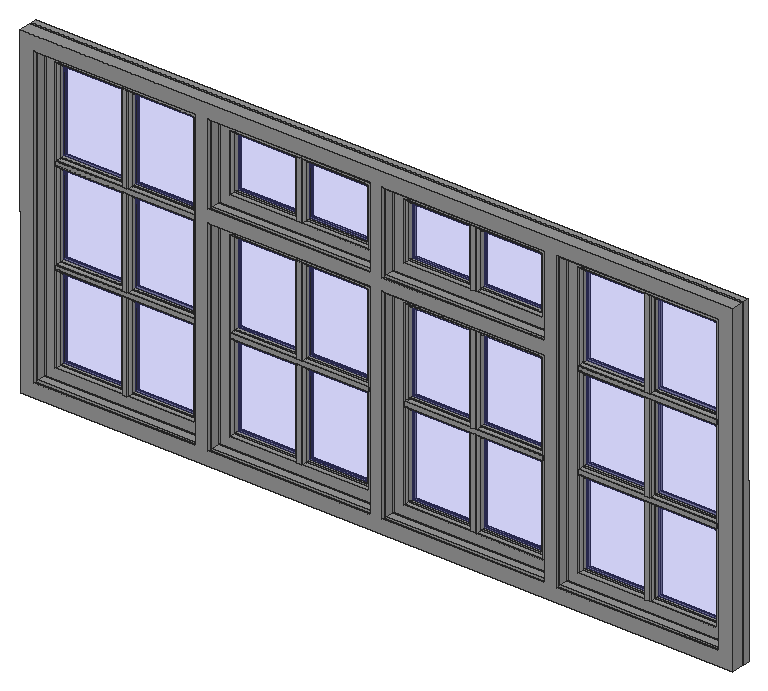
Revit family "MC4FSP", category Windows, host Wall, Revit 2015
Parameters (values of type "MC4FSP")
  Sash Width = 542 mm
  Height = 929 mm
  Fanlight Height = 310 mm
  Default Lintel Height = 2100 mm
  Wall Closure = By host
  Width = 2036 mm
Reference planes
  plane 1 "Center (Front/Back)": y = 0
  plane 2 "Center (Left/Right)": x = 0
  plane 3 "Left": x = -1018
  plane 4 "Right": x = 1018
  plane 5 "Sill": z = 1171
  plane 6 "Head": z = 2100
  plane 7 "Exterior": y = 100
  plane 8 "Interior": y = -100
  plane 9: y = -28.5
  plane 10: y = 23.5
  plane 11: z = 1635.5
  plane 12: z = 1790
  plane 13: x = 476
  plane 14: x = -476
Forms (mm)
  Sweep 1, solid, material "Lauan, Meranti"
    path origin (-249, 100, 0) x (-1, 0, 0) y (0, 0, -1)
      loop
        line (769, -2100) -> (769, -1171) -> (-1267, -1171) -> (-1267, -2100) -> (769, -2100)
    profile origin (0, 100, 2100) x (0, 0, 1) y (0, -1, 0)
      loop
        line (0, 71.5) -> (0, 86.5) -> (-10, 86.5) -> (-10, 94.5) -> (0, 94.5) -> (0, 128.5) -> (-39, 128.5) -> (-39, 122.5) -> (-44, 122.5) -> (-44, 96.5) -> (-40.5, 96.5) -> (-40.5, 102.5) -> (-37.5, 102.5) -> (-37.5, 96.5) -> (-29, 96.5) -> (-29, 71.5) -> (0, 71.5)
  Extrusion 2, solid, material "Lauan, Meranti"
    sketch origin (-38, 0, 0) x (0, -1, 0) y (0, 0, -1)
      loop
        line (28.5, -1795) -> (22.5, -1795) -> (22.5, -1790) -> (-3.5, -1790) -> (-3.5, -1793.5) -> (2.5, -1793.5) -> (2.5, -1796.5) -> (-3.5, -1796.5) -> (-3.5, -1805) -> (-28.5, -1805) -> (-28.5, -1819) -> (-3.5, -1819) -> (-3.5, -1827.5) -> (2.5, -1827.5) -> (2.5, -1830.5) -> (-3.5, -1830.5) -> (-3.5, -1834) -> (22.5, -1834) -> (22.5, -1829) -> (28.5, -1829) -> (28.5, -1795)
    from -453 to 529
  Extrusion 3, solid, material "Lauan, Meranti"
    sketch origin (0, 0, -115) x (-1, 0, 0) y (0, -1, 0)
      loop
        line (-476, 22.5) -> (-481, 22.5) -> (-481, 28.5) -> (-515, 28.5) -> (-515, 22.5) -> (-520, 22.5) -> (-520, -3.5) -> (-516.5, -3.5) -> (-516.5, 2.5) -> (-513.5, 2.5) -> (-513.5, -3.5) -> (-505, -3.5) -> (-505, -28.5) -> (-491, -28.5) -> (-491, -3.5) -> (-482.5, -3.5) -> (-482.5, 2.5) -> (-479.5, 2.5) -> (-479.5, -3.5) -> (-476, -3.5) -> (-476, 22.5)
    from 1315 to 2186
  Extrusion 4, solid, material "Lauan, Meranti"
    sketch origin (0, 0, -205) x (1, 0, 0) y (0, 1, 0)
      loop
        line (-476, -22.5) -> (-476, 3.5) -> (-479.5, 3.5) -> (-479.5, -2.5) -> (-482.5, -2.5) -> (-482.5, 3.5) -> (-491, 3.5) -> (-491, 28.5) -> (-505, 28.5) -> (-505, 3.5) -> (-513.5, 3.5) -> (-513.5, -2.5) -> (-516.5, -2.5) -> (-516.5, 3.5) -> (-520, 3.5) -> (-520, -22.5) -> (-515, -22.5) -> (-515, -28.5) -> (-481, -28.5) -> (-481, -22.5) -> (-476, -22.5)
    from 1405 to 2276
  Sweep 5, solid, material "Rubber"
    path origin (-10500, 23.5, 2100) x (0, 0, -1) y (-1, 0, 0)
      loop
        line (29, -11489) -> (900, -11489) -> (900, -11005) -> (29, -11005) -> (29, -11489)
    profile origin (747, 23.5, 2071) x (0, 0, 1) y (0, 1, 0)
      loop
        line (-10, -15) -> (-15, -17) -> (-15, -20) -> (-11, -20) -> (-11, -22.43) -> (-12, -22.43) -> (-11, -22.698) -> (-11, -24.464) -> (-12, -24.464) -> (-10, -25) -> (-8, -24.464) -> (-9, -24.464) -> (-9, -22.698) -> (-8, -22.43) -> (-9, -22.43) -> (-9, -20) -> (-5, -20) -> (-5, -17) -> (-10, -15)
  Sweep 6, solid, material "Lauan, Meranti"
    path origin (-10500, 23.5, 2100) x (0, 0, -1) y (-1, 0, 0)
      loop
        line (29, -11489) -> (900, -11489) -> (900, -11005) -> (29, -11005) -> (29, -11489)
    profile origin (747, 23.5, 2071) x (0, 0, 1) y (0, 1, 0)
      loop
        line (-1, 25) -> (-43, 25) -> (-43, 0) -> (-52, 0) -> (-52, -8) -> (-49, -8)
        arc (-49, -8) -> (-47.243, -12.243) -> (-43, -14) r 6
        line (-43, -14) -> (-43, -17) -> (-10, -17) -> (-10, -13) -> (-12, -13) -> (-12, -8) -> (-14, -7.464) -> (-14, -2.536) -> (-12, -2) -> (-12, 5) -> (5, 5) -> (5, 19)
        arc (5, 19) -> (3.242, 23.243) -> (-1, 25) r 6
  Sweep 7, solid, material "Rubber"
    path origin (-10500, 23.5, 2100) x (0, 0, -1) y (-1, 0, 0)
      loop
        line (29, -9995) -> (900, -9995) -> (900, -9511) -> (29, -9511) -> (29, -9995)
    profile origin (-747, 23.5, 2071) x (0, 0, 1) y (0, 1, 0)
      loop
        line (-10, -15) -> (-15, -17) -> (-15, -20) -> (-11, -20) -> (-11, -22.43) -> (-12, -22.43) -> (-11, -22.698) -> (-11, -24.464) -> (-12, -24.464) -> (-10, -25) -> (-8, -24.464) -> (-9, -24.464) -> (-9, -22.698) -> (-8, -22.43) -> (-9, -22.43) -> (-9, -20) -> (-5, -20) -> (-5, -17) -> (-10, -15)
  Sweep 8, solid, material "Lauan, Meranti"
    path origin (-10500, 23.5, 2100) x (0, 0, -1) y (-1, 0, 0)
      loop
        line (29, -9995) -> (900, -9995) -> (900, -9511) -> (29, -9511) -> (29, -9995)
    profile origin (-747, 23.5, 2071) x (0, 0, 1) y (0, 1, 0)
      loop
        line (5, 5) -> (5, 19)
        arc (5, 19) -> (3.242, 23.243) -> (-1, 25) r 6
        line (-1, 25) -> (-43, 25) -> (-43, 0) -> (-52, 0) -> (-52, -8) -> (-49, -8)
        arc (-49, -8) -> (-47.243, -12.243) -> (-43, -14) r 6
        line (-43, -14) -> (-43, -17) -> (-10, -17) -> (-10, -13) -> (-12, -13) -> (-12, -8) -> (-14, -7.464) -> (-14, -2.536) -> (-12, -2) -> (-12, 5) -> (5, 5)
  Extrusion 9, solid, material "Lauan, Meranti"
    sketch origin (-498, 0, -115) x (-1, 0, 0) y (0, -1, 0)
      loop
        line (-476, 22.5) -> (-481, 22.5) -> (-481, 28.5) -> (-515, 28.5) -> (-515, 22.5) -> (-520, 22.5) -> (-520, -3.5) -> (-516.5, -3.5) -> (-516.5, 2.5) -> (-513.5, 2.5) -> (-513.5, -3.5) -> (-505, -3.5) -> (-505, -28.5) -> (-491, -28.5) -> (-491, -3.5) -> (-482.5, -3.5) -> (-482.5, 2.5) -> (-479.5, 2.5) -> (-479.5, -3.5) -> (-476, -3.5) -> (-476, 22.5)
    from 1934 to 2186
  Sweep 10, solid, material "Rubber"
    path origin (-10500, 23.5, 2100) x (0, 0, -1) y (-1, 0, 0)
      loop
        line (29, -10991) -> (281, -10991) -> (281, -10507) -> (29, -10507) -> (29, -10991)
    profile origin (249, 23.5, 2071) x (0, 0, 1) y (0, 1, 0)
      loop
        line (-5, -20) -> (-5, -17) -> (-10, -15) -> (-15, -17) -> (-15, -20) -> (-11, -20) -> (-11, -22.43) -> (-12, -22.43) -> (-11, -22.698) -> (-11, -24.464) -> (-12, -24.464) -> (-10, -25) -> (-8, -24.464) -> (-9, -24.464) -> (-9, -22.698) -> (-8, -22.43) -> (-9, -22.43) -> (-9, -20) -> (-5, -20)
  Sweep 11, solid, material "Rubber"
    path origin (-10998, 23.5, 2100) x (0, 0, -1) y (-1, 0, 0)
      loop
        line (29, -10991) -> (281, -10991) -> (281, -10507) -> (29, -10507) -> (29, -10991)
    profile origin (-249, 23.5, 2071) x (0, 0, 1) y (0, 1, 0)
      loop
        line (-5, -20) -> (-5, -17) -> (-10, -15) -> (-15, -17) -> (-15, -20) -> (-11, -20) -> (-11, -22.43) -> (-12, -22.43) -> (-11, -22.698) -> (-11, -24.464) -> (-12, -24.464) -> (-10, -25) -> (-8, -24.464) -> (-9, -24.464) -> (-9, -22.698) -> (-8, -22.43) -> (-9, -22.43) -> (-9, -20) -> (-5, -20)
  Extrusion 12, solid, material "Lauan, Meranti"
    sketch origin (-498, 0, -381) x (-1, 0, 0) y (0, -1, 0)
      loop
        line (-476, 22.5) -> (-481, 22.5) -> (-481, 28.5) -> (-515, 28.5) -> (-515, 22.5) -> (-520, 22.5) -> (-520, -3.5) -> (-516.5, -3.5) -> (-516.5, 2.5) -> (-513.5, 2.5) -> (-513.5, -3.5) -> (-505, -3.5) -> (-505, -28.5) -> (-491, -28.5) -> (-491, -3.5) -> (-482.5, -3.5) -> (-482.5, 2.5) -> (-479.5, 2.5) -> (-479.5, -3.5) -> (-476, -3.5) -> (-476, 22.5)
    from 1581 to 2186
  Sweep 13, solid, material "Rubber"
    path origin (-10500, 23.5, 1834) x (0, 0, -1) y (-1, 0, 0)
      loop
        line (29, -10991) -> (634, -10991) -> (634, -10507) -> (29, -10507) -> (29, -10991)
    profile origin (249, 23.5, 1805) x (0, 0, 1) y (0, 1, 0)
      loop
        line (-5, -20) -> (-5, -17) -> (-10, -15) -> (-15, -17) -> (-15, -20) -> (-11, -20) -> (-11, -22.43) -> (-12, -22.43) -> (-11, -22.698) -> (-11, -24.464) -> (-12, -24.464) -> (-10, -25) -> (-8, -24.464) -> (-9, -24.464) -> (-9, -22.698) -> (-8, -22.43) -> (-9, -22.43) -> (-9, -20) -> (-5, -20)
  Sweep 14, solid, material "Rubber"
    path origin (-10998, 23.5, 1834) x (0, 0, -1) y (-1, 0, 0)
      loop
        line (29, -10991) -> (634, -10991) -> (634, -10507) -> (29, -10507) -> (29, -10991)
    profile origin (-249, 23.5, 1805) x (0, 0, 1) y (0, 1, 0)
      loop
        line (-5, -20) -> (-5, -17) -> (-10, -15) -> (-15, -17) -> (-15, -20) -> (-11, -20) -> (-11, -22.43) -> (-12, -22.43) -> (-11, -22.698) -> (-11, -24.464) -> (-12, -24.464) -> (-10, -25) -> (-8, -24.464) -> (-9, -24.464) -> (-9, -22.698) -> (-8, -22.43) -> (-9, -22.43) -> (-9, -20) -> (-5, -20)
  Sweep 15, solid, material "Lauan, Meranti"
    path origin (-10500, 23.5, 2100) x (0, 0, -1) y (-1, 0, 0)
      loop
        line (29, -10991) -> (281, -10991) -> (281, -10507) -> (29, -10507) -> (29, -10991)
    profile origin (249, 23.5, 2071) x (0, 0, 1) y (0, 1, 0)
      loop
        line (5, 5) -> (5, 19)
        arc (5, 19) -> (3.242, 23.243) -> (-1, 25) r 6
        line (-1, 25) -> (-43, 25) -> (-43, 0) -> (-52, 0) -> (-52, -8) -> (-49, -8)
        arc (-49, -8) -> (-47.243, -12.243) -> (-43, -14) r 6
        line (-43, -14) -> (-43, -17) -> (-10, -17) -> (-10, -13) -> (-12, -13) -> (-12, -8) -> (-14, -7.464) -> (-14, -2.536) -> (-12, -2) -> (-12, 5) -> (5, 5)
  Sweep 16, solid, material "Lauan, Meranti"
    path origin (-10998, 23.5, 2100) x (0, 0, -1) y (-1, 0, 0)
      loop
        line (29, -10991) -> (281, -10991) -> (281, -10507) -> (29, -10507) -> (29, -10991)
    profile origin (-249, 23.5, 2071) x (0, 0, 1) y (0, 1, 0)
      loop
        line (5, 5) -> (5, 19)
        arc (5, 19) -> (3.242, 23.243) -> (-1, 25) r 6
        line (-1, 25) -> (-43, 25) -> (-43, 0) -> (-52, 0) -> (-52, -8) -> (-49, -8)
        arc (-49, -8) -> (-47.243, -12.243) -> (-43, -14) r 6
        line (-43, -14) -> (-43, -17) -> (-10, -17) -> (-10, -13) -> (-12, -13) -> (-12, -8) -> (-14, -7.464) -> (-14, -2.536) -> (-12, -2) -> (-12, 5) -> (5, 5)
  Sweep 17, solid, material "Lauan, Meranti"
    path origin (-10500, 23.5, 2100) x (0, 0, -1) y (-1, 0, 0)
      loop
        line (295, -10991) -> (900, -10991) -> (900, -10507) -> (295, -10507) -> (295, -10991)
    profile origin (249, 23.5, 1805) x (0, 0, 1) y (0, 1, 0)
      loop
        line (5, 5) -> (5, 19)
        arc (5, 19) -> (3.242, 23.243) -> (-1, 25) r 6
        line (-1, 25) -> (-43, 25) -> (-43, 0) -> (-52, 0) -> (-52, -8) -> (-49, -8)
        arc (-49, -8) -> (-47.243, -12.243) -> (-43, -14) r 6
        line (-43, -14) -> (-43, -17) -> (-10, -17) -> (-10, -13) -> (-12, -13) -> (-12, -8) -> (-14, -7.464) -> (-14, -2.536) -> (-12, -2) -> (-12, 5) -> (5, 5)
  Sweep 18, solid, material "Lauan, Meranti"
    path origin (-10998, 23.5, 2100) x (0, 0, -1) y (-1, 0, 0)
      loop
        line (295, -10991) -> (900, -10991) -> (900, -10507) -> (295, -10507) -> (295, -10991)
    profile origin (-249, 23.5, 1805) x (0, 0, 1) y (0, 1, 0)
      loop
        line (5, 5) -> (5, 19)
        arc (5, 19) -> (3.242, 23.243) -> (-1, 25) r 6
        line (-1, 25) -> (-43, 25) -> (-43, 0) -> (-52, 0) -> (-52, -8) -> (-49, -8)
        arc (-49, -8) -> (-47.243, -12.243) -> (-43, -14) r 6
        line (-43, -14) -> (-43, -17) -> (-10, -17) -> (-10, -13) -> (-12, -13) -> (-12, -8) -> (-14, -7.464) -> (-14, -2.536) -> (-12, -2) -> (-12, 5) -> (5, 5)
  Extrusion 19, solid, material "Lauan, Meranti"
    sketch origin (747.014, 25, 199.989) x (-1, 0, 0) y (0, -1, 0)
      loop
        line (-6.5, -23.5) -> (6.5, -23.5) -> (6.5, 1.5) -> (15.5, 1.5) -> (15.5, 9.5) -> (12.5, 9.5)
        arc (12.5, 9.5) -> (10.743, 13.743) -> (6.5, 15.5) r 6
        line (6.5, 15.5) -> (6.5, 18.5) -> (-6.5, 18.5) -> (-6.5, 15.5)
        arc (-6.5, 15.5) -> (-10.743, 13.743) -> (-12.5, 9.5) r 6
        line (-12.5, 9.5) -> (-15.5, 9.5) -> (-15.5, 1.5) -> (-6.5, 1.5) -> (-6.5, -23.5)
    from 1575.011 to 1828.011
  Extrusion 20, solid, material "Lauan, Meranti"
    sketch origin (747.014, 25, -100.011) x (-1, 0, 0) y (0, -1, 0)
      loop
        line (-6.5, -23.5) -> (6.5, -23.5) -> (6.5, 1.5) -> (15.5, 1.5) -> (15.5, 9.5) -> (12.5, 9.5)
        arc (12.5, 9.5) -> (10.743, 13.743) -> (6.5, 15.5) r 6
        line (6.5, 15.5) -> (6.5, 18.5) -> (-6.5, 18.5) -> (-6.5, 15.5)
        arc (-6.5, 15.5) -> (-10.743, 13.743) -> (-12.5, 9.5) r 6
        line (-12.5, 9.5) -> (-15.5, 9.5) -> (-15.5, 1.5) -> (-6.5, 1.5) -> (-6.5, -23.5)
    from 1609.011 to 1862.011
  Extrusion 21, solid, material "Lauan, Meranti"
    sketch origin (1018.013, 0, -0.011) x (0, -1, 0) y (0, 0, -1)
      loop
        line (-48.5, -1762.011) -> (-48.5, -1775.011) -> (-23.5, -1775.011) -> (-23.5, -1784.011) -> (-15.5, -1784.011) -> (-15.5, -1781.011)
        arc (-15.5, -1781.011) -> (-11.257, -1779.254) -> (-9.5, -1775.011) r 6
        line (-9.5, -1775.011) -> (-6.5, -1775.011) -> (-6.5, -1762.011) -> (-9.5, -1762.011)
        arc (-9.5, -1762.011) -> (-11.257, -1757.769) -> (-15.5, -1756.011) r 6
        line (-15.5, -1756.011) -> (-15.5, -1753.011) -> (-23.5, -1753.011) -> (-23.5, -1762.011) -> (-48.5, -1762.011)
      loop
        line (-48.5, -1496.011) -> (-48.5, -1509.011) -> (-23.5, -1509.011) -> (-23.5, -1518.011) -> (-15.5, -1518.011) -> (-15.5, -1515.011)
        arc (-15.5, -1515.011) -> (-11.257, -1513.254) -> (-9.5, -1509.011) r 6
        line (-9.5, -1509.011) -> (-6.5, -1509.011) -> (-6.5, -1496.011) -> (-9.5, -1496.011)
        arc (-9.5, -1496.011) -> (-11.257, -1491.768) -> (-15.5, -1490.011) r 6
        line (-15.5, -1490.011) -> (-15.5, -1487.011) -> (-23.5, -1487.011) -> (-23.5, -1496.011) -> (-48.5, -1496.011)
    from -470 to -72
  Extrusion 22, solid, material "Lauan, Meranti"
    sketch origin (747.014, 25, -366.011) x (-1, 0, 0) y (0, -1, 0)
      loop
        line (-6.5, -23.5) -> (6.5, -23.5) -> (6.5, 1.5) -> (15.5, 1.5) -> (15.5, 9.5) -> (12.5, 9.5)
        arc (12.5, 9.5) -> (10.743, 13.743) -> (6.5, 15.5) r 6
        line (6.5, 15.5) -> (6.5, 18.5) -> (-6.5, 18.5) -> (-6.5, 15.5)
        arc (-6.5, 15.5) -> (-10.743, 13.743) -> (-12.5, 9.5) r 6
        line (-12.5, 9.5) -> (-15.5, 9.5) -> (-15.5, 1.5) -> (-6.5, 1.5) -> (-6.5, -23.5)
    from 1609.012 to 1862.011
  Extrusion 23, solid, material "Glass"
    sketch origin (10998, 23.5, 2100) x (0, 0, -1) y (-1, 0, 0)
      loop
        line (72, 10450) -> (72, 10257.486) -> (325, 10257.486) -> (325, 10450) -> (72, 10450)
      loop
        line (72, 10244.486) -> (72, 10051.986) -> (325, 10051.986) -> (325, 10244.486) -> (72, 10244.486)
      loop
        line (338, 10449.986) -> (338, 10257.486) -> (591, 10257.486) -> (591, 10449.986) -> (338, 10449.986)
      loop
        line (338, 10244.486) -> (338, 10051.986) -> (591, 10051.986) -> (591, 10244.486) -> (338, 10244.486)
      loop
        line (604, 10449.986) -> (604, 10257.486) -> (857, 10257.486) -> (857, 10449.986) -> (604, 10449.986)
      loop
        line (604, 10244.486) -> (604, 10052) -> (857, 10052) -> (857, 10244.486) -> (604, 10244.486)
    from 0 to 6.4
  Sweep 24, solid, material "Lauan, Meranti"
    path origin (10998, 23.5, 2100) x (0, 0, -1) y (-1, 0, 0)
      loop
        line (72, 10450) -> (72, 10257.486) -> (325, 10257.486) -> (325, 10450) -> (72, 10450)
    profile origin (644.257, 23.5, 2028) x (0, 0, -1) y (0, 1, 0)
      loop
        line (0, 6.4) -> (9, 6.4) -> (9, 8.4) -> (7, 8.4)
        arc (7, 8.4) -> (4.67, 12.766) -> (0, 14.4) r 6.807
        line (0, 14.4) -> (0, 6.4)
  Sweep 25, solid, material "Lauan, Meranti"
    path origin (11203.513, 23.5, 2100) x (0, 0, -1) y (-1, 0, 0)
      loop
        line (72, 10450) -> (72, 10257.5) -> (325, 10257.5) -> (325, 10450) -> (72, 10450)
    profile origin (849.764, 23.5, 2028) x (0, 0, -1) y (0, 1, 0)
      loop
        line (0, 6.4) -> (9, 6.4) -> (9, 8.4) -> (7, 8.4)
        arc (7, 8.4) -> (4.67, 12.766) -> (0, 14.4) r 6.807
        line (0, 14.4) -> (0, 6.4)
  Sweep 26, solid, material "Lauan, Meranti"
    path origin (10998.013, 23.5, 1834) x (0, 0, -1) y (-1, 0, 0)
      loop
        line (72, 10450) -> (72, 10257.5) -> (325, 10257.5) -> (325, 10450) -> (72, 10450)
    profile origin (644.264, 23.5, 1762) x (0, 0, -1) y (0, 1, 0)
      loop
        line (0, 6.4) -> (9, 6.4) -> (9, 8.4) -> (7, 8.4)
        arc (7, 8.4) -> (4.67, 12.766) -> (0, 14.4) r 6.807
        line (0, 14.4) -> (0, 6.4)
  Sweep 27, solid, material "Lauan, Meranti"
    path origin (11203.513, 23.5, 1834) x (0, 0, -1) y (-1, 0, 0)
      loop
        line (72, 10450) -> (72, 10257.5) -> (325, 10257.5) -> (325, 10450) -> (72, 10450)
    profile origin (849.764, 23.5, 1762) x (0, 0, -1) y (0, 1, 0)
      loop
        line (0, 6.4) -> (9, 6.4) -> (9, 8.4) -> (7, 8.4)
        arc (7, 8.4) -> (4.67, 12.766) -> (0, 14.4) r 6.807
        line (0, 14.4) -> (0, 6.4)
  Sweep 28, solid, material "Lauan, Meranti"
    path origin (10998.013, 23.5, 1568) x (0, 0, -1) y (-1, 0, 0)
      loop
        line (72, 10450) -> (72, 10257.5) -> (325, 10257.5) -> (325, 10450) -> (72, 10450)
    profile origin (644.264, 23.5, 1496) x (0, 0, -1) y (0, 1, 0)
      loop
        line (0, 6.4) -> (9, 6.4) -> (9, 8.4) -> (7, 8.4)
        arc (7, 8.4) -> (4.67, 12.766) -> (0, 14.4) r 6.807
        line (0, 14.4) -> (0, 6.4)
  Sweep 29, solid, material "Lauan, Meranti"
    path origin (11203.513, 23.5, 1568) x (0, 0, -1) y (-1, 0, 0)
      loop
        line (72, 10450) -> (72, 10257.514) -> (325, 10257.514) -> (325, 10450) -> (72, 10450)
    profile origin (849.757, 23.5, 1496) x (0, 0, -1) y (0, 1, 0)
      loop
        line (0, 6.4) -> (9, 6.4) -> (9, 8.4) -> (7, 8.4)
        arc (7, 8.4) -> (4.67, 12.766) -> (0, 14.4) r 6.807
        line (0, 14.4) -> (0, 6.4)
  Extrusion 30, solid, material "Lauan, Meranti"
    sketch origin (-746.986, 25, 199.989) x (-1, 0, 0) y (0, -1, 0)
      loop
        line (-6.5, -23.5) -> (6.5, -23.5) -> (6.5, 1.5) -> (15.5, 1.5) -> (15.5, 9.5) -> (12.5, 9.5)
        arc (12.5, 9.5) -> (10.743, 13.743) -> (6.5, 15.5) r 6
        line (6.5, 15.5) -> (6.5, 18.5) -> (-6.5, 18.5) -> (-6.5, 15.5)
        arc (-6.5, 15.5) -> (-10.743, 13.743) -> (-12.5, 9.5) r 6
        line (-12.5, 9.5) -> (-15.5, 9.5) -> (-15.5, 1.5) -> (-6.5, 1.5) -> (-6.5, -23.5)
    from 1575.011 to 1828.011
  Extrusion 31, solid, material "Lauan, Meranti"
    sketch origin (-746.986, 25, -100.011) x (-1, 0, 0) y (0, -1, 0)
      loop
        line (-6.5, -23.5) -> (6.5, -23.5) -> (6.5, 1.5) -> (15.5, 1.5) -> (15.5, 9.5) -> (12.5, 9.5)
        arc (12.5, 9.5) -> (10.743, 13.743) -> (6.5, 15.5) r 6
        line (6.5, 15.5) -> (6.5, 18.5) -> (-6.5, 18.5) -> (-6.5, 15.5)
        arc (-6.5, 15.5) -> (-10.743, 13.743) -> (-12.5, 9.5) r 6
        line (-12.5, 9.5) -> (-15.5, 9.5) -> (-15.5, 1.5) -> (-6.5, 1.5) -> (-6.5, -23.5)
    from 1609.011 to 1862.011
  Extrusion 32, solid, material "Lauan, Meranti"
    sketch origin (-475.987, 0, -0.011) x (0, -1, 0) y (0, 0, -1)
      loop
        line (-48.5, -1762.011) -> (-48.5, -1775.011) -> (-23.5, -1775.011) -> (-23.5, -1784.011) -> (-15.5, -1784.011) -> (-15.5, -1781.011)
        arc (-15.5, -1781.011) -> (-11.257, -1779.254) -> (-9.5, -1775.011) r 6
        line (-9.5, -1775.011) -> (-6.5, -1775.011) -> (-6.5, -1762.011) -> (-9.5, -1762.011)
        arc (-9.5, -1762.011) -> (-11.257, -1757.769) -> (-15.5, -1756.011) r 6
        line (-15.5, -1756.011) -> (-15.5, -1753.011) -> (-23.5, -1753.011) -> (-23.5, -1762.011) -> (-48.5, -1762.011)
      loop
        line (-48.5, -1496.011) -> (-48.5, -1509.011) -> (-23.5, -1509.011) -> (-23.5, -1518.011) -> (-15.5, -1518.011) -> (-15.5, -1515.011)
        arc (-15.5, -1515.011) -> (-11.257, -1513.254) -> (-9.5, -1509.011) r 6
        line (-9.5, -1509.011) -> (-6.5, -1509.011) -> (-6.5, -1496.011) -> (-9.5, -1496.011)
        arc (-9.5, -1496.011) -> (-11.257, -1491.768) -> (-15.5, -1490.011) r 6
        line (-15.5, -1490.011) -> (-15.5, -1487.011) -> (-23.5, -1487.011) -> (-23.5, -1496.011) -> (-48.5, -1496.011)
    from -470 to -72
  Extrusion 33, solid, material "Lauan, Meranti"
    sketch origin (-746.986, 25, -366.011) x (-1, 0, 0) y (0, -1, 0)
      loop
        line (-6.5, -23.5) -> (6.5, -23.5) -> (6.5, 1.5) -> (15.5, 1.5) -> (15.5, 9.5) -> (12.5, 9.5)
        arc (12.5, 9.5) -> (10.743, 13.743) -> (6.5, 15.5) r 6
        line (6.5, 15.5) -> (6.5, 18.5) -> (-6.5, 18.5) -> (-6.5, 15.5)
        arc (-6.5, 15.5) -> (-10.743, 13.743) -> (-12.5, 9.5) r 6
        line (-12.5, 9.5) -> (-15.5, 9.5) -> (-15.5, 1.5) -> (-6.5, 1.5) -> (-6.5, -23.5)
    from 1609.012 to 1862.011
  Extrusion 34, solid, material "Glass"
    sketch origin (9504, 23.5, 2100) x (0, 0, -1) y (-1, 0, 0)
      loop
        line (72, 10450) -> (72, 10257.486) -> (325, 10257.486) -> (325, 10450) -> (72, 10450)
      loop
        line (72, 10244.486) -> (72, 10051.986) -> (325, 10051.986) -> (325, 10244.486) -> (72, 10244.486)
      loop
        line (338, 10449.986) -> (338, 10257.486) -> (591, 10257.486) -> (591, 10449.986) -> (338, 10449.986)
      loop
        line (338, 10244.486) -> (338, 10051.986) -> (591, 10051.986) -> (591, 10244.486) -> (338, 10244.486)
      loop
        line (604, 10449.986) -> (604, 10257.486) -> (857, 10257.486) -> (857, 10449.986) -> (604, 10449.986)
      loop
        line (604, 10244.486) -> (604, 10052) -> (857, 10052) -> (857, 10244.486) -> (604, 10244.486)
    from 0 to 6.4
  Sweep 35, solid, material "Lauan, Meranti"
    path origin (9504, 23.5, 2100) x (0, 0, -1) y (-1, 0, 0)
      loop
        line (72, 10450) -> (72, 10257.486) -> (325, 10257.486) -> (325, 10450) -> (72, 10450)
    profile origin (-849.743, 23.5, 2028) x (0, 0, -1) y (0, 1, 0)
      loop
        line (0, 6.4) -> (9, 6.4) -> (9, 8.4) -> (7, 8.4)
        arc (7, 8.4) -> (4.67, 12.766) -> (0, 14.4) r 6.807
        line (0, 14.4) -> (0, 6.4)
  Sweep 36, solid, material "Lauan, Meranti"
    path origin (9709.513, 23.5, 2100) x (0, 0, -1) y (-1, 0, 0)
      loop
        line (72, 10450) -> (72, 10257.5) -> (325, 10257.5) -> (325, 10450) -> (72, 10450)
    profile origin (-644.236, 23.5, 2028) x (0, 0, -1) y (0, 1, 0)
      loop
        line (0, 6.4) -> (9, 6.4) -> (9, 8.4) -> (7, 8.4)
        arc (7, 8.4) -> (4.67, 12.766) -> (0, 14.4) r 6.807
        line (0, 14.4) -> (0, 6.4)
  Sweep 37, solid, material "Lauan, Meranti"
    path origin (9504.013, 23.5, 1834) x (0, 0, -1) y (-1, 0, 0)
      loop
        line (72, 10450) -> (72, 10257.5) -> (325, 10257.5) -> (325, 10450) -> (72, 10450)
    profile origin (-849.736, 23.5, 1762) x (0, 0, -1) y (0, 1, 0)
      loop
        line (0, 6.4) -> (9, 6.4) -> (9, 8.4) -> (7, 8.4)
        arc (7, 8.4) -> (4.67, 12.766) -> (0, 14.4) r 6.807
        line (0, 14.4) -> (0, 6.4)
  Sweep 38, solid, material "Lauan, Meranti"
    path origin (9709.513, 23.5, 1834) x (0, 0, -1) y (-1, 0, 0)
      loop
        line (72, 10450) -> (72, 10257.5) -> (325, 10257.5) -> (325, 10450) -> (72, 10450)
    profile origin (-644.236, 23.5, 1762) x (0, 0, -1) y (0, 1, 0)
      loop
        line (0, 6.4) -> (9, 6.4) -> (9, 8.4) -> (7, 8.4)
        arc (7, 8.4) -> (4.67, 12.766) -> (0, 14.4) r 6.807
        line (0, 14.4) -> (0, 6.4)
  Sweep 39, solid, material "Lauan, Meranti"
    path origin (9504.013, 23.5, 1568) x (0, 0, -1) y (-1, 0, 0)
      loop
        line (72, 10450) -> (72, 10257.5) -> (325, 10257.5) -> (325, 10450) -> (72, 10450)
    profile origin (-849.736, 23.5, 1496) x (0, 0, -1) y (0, 1, 0)
      loop
        line (0, 6.4) -> (9, 6.4) -> (9, 8.4) -> (7, 8.4)
        arc (7, 8.4) -> (4.67, 12.766) -> (0, 14.4) r 6.807
        line (0, 14.4) -> (0, 6.4)
  Sweep 40, solid, material "Lauan, Meranti"
    path origin (9709.513, 23.5, 1568) x (0, 0, -1) y (-1, 0, 0)
      loop
        line (72, 10450) -> (72, 10257.514) -> (325, 10257.514) -> (325, 10450) -> (72, 10450)
    profile origin (-644.243, 23.5, 1496) x (0, 0, -1) y (0, 1, 0)
      loop
        line (0, 6.4) -> (9, 6.4) -> (9, 8.4) -> (7, 8.4)
        arc (7, 8.4) -> (4.67, 12.766) -> (0, 14.4) r 6.807
        line (0, 14.4) -> (0, 6.4)
  Extrusion 41, solid, material "Lauan, Meranti"
    sketch origin (249, 25, 200) x (-1, 0, 0) y (0, -1, 0)
      loop
        line (-6.5, -23.5) -> (6.5, -23.5) -> (6.5, 1.5) -> (15.5, 1.5) -> (15.5, 9.5) -> (12.5, 9.5)
        arc (12.5, 9.5) -> (10.743, 13.743) -> (6.5, 15.5) r 6
        line (6.5, 15.5) -> (6.5, 18.5) -> (-6.5, 18.5) -> (-6.5, 15.5)
        arc (-6.5, 15.5) -> (-10.743, 13.743) -> (-12.5, 9.5) r 6
        line (-12.5, 9.5) -> (-15.5, 9.5) -> (-15.5, 1.5) -> (-6.5, 1.5) -> (-6.5, -23.5)
    from 1662 to 1828
  Extrusion 42, solid, material "Lauan, Meranti"
    sketch origin (249, 25, -66) x (-1, 0, 0) y (0, -1, 0)
      loop
        line (-6.5, -23.5) -> (6.5, -23.5) -> (6.5, 1.5) -> (15.5, 1.5) -> (15.5, 9.5) -> (12.5, 9.5)
        arc (12.5, 9.5) -> (10.743, 13.743) -> (6.5, 15.5) r 6
        line (6.5, 15.5) -> (6.5, 18.5) -> (-6.5, 18.5) -> (-6.5, 15.5)
        arc (-6.5, 15.5) -> (-10.743, 13.743) -> (-12.5, 9.5) r 6
        line (-12.5, 9.5) -> (-15.5, 9.5) -> (-15.5, 1.5) -> (-6.5, 1.5) -> (-6.5, -23.5)
    from 1575 to 1828
  Extrusion 43, solid, material "Lauan, Meranti"
    sketch origin (249, 25, -366) x (-1, 0, 0) y (0, -1, 0)
      loop
        line (-6.5, -23.5) -> (6.5, -23.5) -> (6.5, 1.5) -> (15.5, 1.5) -> (15.5, 9.5) -> (12.5, 9.5)
        arc (12.5, 9.5) -> (10.743, 13.743) -> (6.5, 15.5) r 6
        line (6.5, 15.5) -> (6.5, 18.5) -> (-6.5, 18.5) -> (-6.5, 15.5)
        arc (-6.5, 15.5) -> (-10.743, 13.743) -> (-12.5, 9.5) r 6
        line (-12.5, 9.5) -> (-15.5, 9.5) -> (-15.5, 1.5) -> (-6.5, 1.5) -> (-6.5, -23.5)
    from 1609 to 1862
  Extrusion 44, solid, material "Lauan, Meranti"
    sketch origin (520, 0, -266) x (0, -1, 0) y (0, 0, -1)
      loop
        line (-48.5, -1762) -> (-48.5, -1775) -> (-23.5, -1775) -> (-23.5, -1784) -> (-15.5, -1784) -> (-15.5, -1781)
        arc (-15.5, -1781) -> (-11.257, -1779.243) -> (-9.5, -1775) r 6
        line (-9.5, -1775) -> (-6.5, -1775) -> (-6.5, -1762) -> (-9.5, -1762)
        arc (-9.5, -1762) -> (-11.257, -1757.757) -> (-15.5, -1756) r 6
        line (-15.5, -1756) -> (-15.5, -1753) -> (-23.5, -1753) -> (-23.5, -1762) -> (-48.5, -1762)
    from -470 to -72
  Extrusion 45, solid, material "Glass"
    sketch origin (10749, 23.5, 2100) x (0, 0, -1) y (-1, 0, 0)
      loop
        line (72, 10699) -> (72, 10506.5) -> (238, 10506.5) -> (238, 10699) -> (72, 10699)
      loop
        line (72, 10493.5) -> (72, 10301.013) -> (237.989, 10301.013) -> (237.989, 10493.5) -> (72, 10493.5)
      loop
        line (338, 10699) -> (338, 10506.5) -> (591, 10506.5) -> (591, 10699) -> (338, 10699)
      loop
        line (338, 10493.5) -> (338, 10301) -> (591, 10301) -> (591, 10493.5) -> (338, 10493.5)
      loop
        line (604, 10699) -> (604, 10506.5) -> (857, 10506.5) -> (857, 10699) -> (604, 10699)
      loop
        line (604, 10493.5) -> (604, 10301.013) -> (857, 10301.013) -> (857, 10493.5) -> (604, 10493.5)
    from 0 to 6.4
  Sweep 46, solid, material "Lauan, Meranti"
    path origin (10749, 23.5, 2100) x (0, 0, -1) y (-1, 0, 0)
      loop
        line (72, 10699) -> (72, 10506.5) -> (238, 10506.5) -> (238, 10699) -> (72, 10699)
    profile origin (146.25, 23.5, 2028) x (0, 0, -1) y (0, 1, 0)
      loop
        line (0, 14.4) -> (0, 6.4) -> (9, 6.4) -> (9, 8.4) -> (7, 8.4)
        arc (7, 8.4) -> (4.67, 12.766) -> (0, 14.4) r 6.807
  Sweep 47, solid, material "Lauan, Meranti"
    path origin (10954.5, 23.5, 2100) x (0, 0, -1) y (-1, 0, 0)
      loop
        line (72, 10699) -> (72, 10506.5) -> (238, 10506.5) -> (238, 10699) -> (72, 10699)
    profile origin (351.75, 23.5, 2028) x (0, 0, -1) y (0, 1, 0)
      loop
        line (0, 14.4) -> (0, 6.4) -> (9, 6.4) -> (9, 8.4) -> (7, 8.4)
        arc (7, 8.4) -> (4.67, 12.766) -> (0, 14.4) r 6.807
  Sweep 48, solid, material "Lauan, Meranti"
    path origin (10749, 23.5, 1834) x (0, 0, -1) y (-1, 0, 0)
      loop
        line (72, 10699) -> (72, 10506.5) -> (325, 10506.5) -> (325, 10699) -> (72, 10699)
    profile origin (146.25, 23.5, 1762) x (0, 0, -1) y (0, 1, 0)
      loop
        line (0, 14.4) -> (0, 6.4) -> (9, 6.4) -> (9, 8.4) -> (7, 8.4)
        arc (7, 8.4) -> (4.67, 12.766) -> (0, 14.4) r 6.807
  Sweep 49, solid, material "Lauan, Meranti"
    path origin (10954.5, 23.5, 1834) x (0, 0, -1) y (-1, 0, 0)
      loop
        line (72, 10699) -> (72, 10506.5) -> (325, 10506.5) -> (325, 10699) -> (72, 10699)
    profile origin (351.75, 23.5, 1762) x (0, 0, -1) y (0, 1, 0)
      loop
        line (0, 14.4) -> (0, 6.4) -> (9, 6.4) -> (9, 8.4) -> (7, 8.4)
        arc (7, 8.4) -> (4.67, 12.766) -> (0, 14.4) r 6.807
  Sweep 50, solid, material "Lauan, Meranti"
    path origin (10749, 23.5, 1568) x (0, 0, -1) y (-1, 0, 0)
      loop
        line (72, 10699) -> (72, 10506.5) -> (325, 10506.5) -> (325, 10699) -> (72, 10699)
    profile origin (146.25, 23.5, 1496) x (0, 0, -1) y (0, 1, 0)
      loop
        line (0, 14.4) -> (0, 6.4) -> (9, 6.4) -> (9, 8.4) -> (7, 8.4)
        arc (7, 8.4) -> (4.67, 12.766) -> (0, 14.4) r 6.807
  Sweep 51, solid, material "Lauan, Meranti"
    path origin (10954.5, 23.5, 1568) x (0, 0, -1) y (-1, 0, 0)
      loop
        line (72, 10699) -> (72, 10506.5) -> (325, 10506.5) -> (325, 10699) -> (72, 10699)
    profile origin (351.75, 23.5, 1496) x (0, 0, -1) y (0, 1, 0)
      loop
        line (0, 14.4) -> (0, 6.4) -> (9, 6.4) -> (9, 8.4) -> (7, 8.4)
        arc (7, 8.4) -> (4.67, 12.766) -> (0, 14.4) r 6.807
  Extrusion 52, solid, material "Lauan, Meranti"
    sketch origin (-249, 25, 200) x (-1, 0, 0) y (0, -1, 0)
      loop
        line (-6.5, -23.5) -> (6.5, -23.5) -> (6.5, 1.5) -> (15.5, 1.5) -> (15.5, 9.5) -> (12.5, 9.5)
        arc (12.5, 9.5) -> (10.743, 13.743) -> (6.5, 15.5) r 6
        line (6.5, 15.5) -> (6.5, 18.5) -> (-6.5, 18.5) -> (-6.5, 15.5)
        arc (-6.5, 15.5) -> (-10.743, 13.743) -> (-12.5, 9.5) r 6
        line (-12.5, 9.5) -> (-15.5, 9.5) -> (-15.5, 1.5) -> (-6.5, 1.5) -> (-6.5, -23.5)
    from 1662 to 1828
  Extrusion 53, solid, material "Lauan, Meranti"
    sketch origin (-249, 25, -66) x (-1, 0, 0) y (0, -1, 0)
      loop
        line (-6.5, -23.5) -> (6.5, -23.5) -> (6.5, 1.5) -> (15.5, 1.5) -> (15.5, 9.5) -> (12.5, 9.5)
        arc (12.5, 9.5) -> (10.743, 13.743) -> (6.5, 15.5) r 6
        line (6.5, 15.5) -> (6.5, 18.5) -> (-6.5, 18.5) -> (-6.5, 15.5)
        arc (-6.5, 15.5) -> (-10.743, 13.743) -> (-12.5, 9.5) r 6
        line (-12.5, 9.5) -> (-15.5, 9.5) -> (-15.5, 1.5) -> (-6.5, 1.5) -> (-6.5, -23.5)
    from 1575 to 1828
  Extrusion 54, solid, material "Lauan, Meranti"
    sketch origin (-249, 25, -366) x (-1, 0, 0) y (0, -1, 0)
      loop
        line (-6.5, -23.5) -> (6.5, -23.5) -> (6.5, 1.5) -> (15.5, 1.5) -> (15.5, 9.5) -> (12.5, 9.5)
        arc (12.5, 9.5) -> (10.743, 13.743) -> (6.5, 15.5) r 6
        line (6.5, 15.5) -> (6.5, 18.5) -> (-6.5, 18.5) -> (-6.5, 15.5)
        arc (-6.5, 15.5) -> (-10.743, 13.743) -> (-12.5, 9.5) r 6
        line (-12.5, 9.5) -> (-15.5, 9.5) -> (-15.5, 1.5) -> (-6.5, 1.5) -> (-6.5, -23.5)
    from 1609 to 1862
  Extrusion 55, solid, material "Lauan, Meranti"
    sketch origin (22, 0, -266) x (0, -1, 0) y (0, 0, -1)
      loop
        line (-48.5, -1762) -> (-48.5, -1775) -> (-23.5, -1775) -> (-23.5, -1784) -> (-15.5, -1784) -> (-15.5, -1781)
        arc (-15.5, -1781) -> (-11.257, -1779.243) -> (-9.5, -1775) r 6
        line (-9.5, -1775) -> (-6.5, -1775) -> (-6.5, -1762) -> (-9.5, -1762)
        arc (-9.5, -1762) -> (-11.257, -1757.757) -> (-15.5, -1756) r 6
        line (-15.5, -1756) -> (-15.5, -1753) -> (-23.5, -1753) -> (-23.5, -1762) -> (-48.5, -1762)
    from -470 to -72
  Extrusion 56, solid, material "Glass"
    sketch origin (10251, 23.5, 2100) x (0, 0, -1) y (-1, 0, 0)
      loop
        line (72, 10699) -> (72, 10506.5) -> (238, 10506.5) -> (238, 10699) -> (72, 10699)
      loop
        line (72, 10493.5) -> (72, 10301.013) -> (237.989, 10301.013) -> (237.989, 10493.5) -> (72, 10493.5)
      loop
        line (338, 10699) -> (338, 10506.5) -> (591, 10506.5) -> (591, 10699) -> (338, 10699)
      loop
        line (338, 10493.5) -> (338, 10301) -> (591, 10301) -> (591, 10493.5) -> (338, 10493.5)
      loop
        line (604, 10699) -> (604, 10506.5) -> (857, 10506.5) -> (857, 10699) -> (604, 10699)
      loop
        line (604, 10493.5) -> (604, 10301.013) -> (857, 10301.013) -> (857, 10493.5) -> (604, 10493.5)
    from 0 to 6.4
  Sweep 57, solid, material "Lauan, Meranti"
    path origin (10251, 23.5, 2100) x (0, 0, -1) y (-1, 0, 0)
      loop
        line (72, 10699) -> (72, 10506.5) -> (238, 10506.5) -> (238, 10699) -> (72, 10699)
    profile origin (-351.75, 23.5, 2028) x (0, 0, -1) y (0, 1, 0)
      loop
        line (0, 14.4) -> (0, 6.4) -> (9, 6.4) -> (9, 8.4) -> (7, 8.4)
        arc (7, 8.4) -> (4.67, 12.766) -> (0, 14.4) r 6.807
  Sweep 58, solid, material "Lauan, Meranti"
    path origin (10456.5, 23.5, 2100) x (0, 0, -1) y (-1, 0, 0)
      loop
        line (72, 10699) -> (72, 10506.5) -> (238, 10506.5) -> (238, 10699) -> (72, 10699)
    profile origin (-146.25, 23.5, 2028) x (0, 0, -1) y (0, 1, 0)
      loop
        line (0, 14.4) -> (0, 6.4) -> (9, 6.4) -> (9, 8.4) -> (7, 8.4)
        arc (7, 8.4) -> (4.67, 12.766) -> (0, 14.4) r 6.807
  Sweep 59, solid, material "Lauan, Meranti"
    path origin (10251, 23.5, 1834) x (0, 0, -1) y (-1, 0, 0)
      loop
        line (72, 10699) -> (72, 10506.5) -> (325, 10506.5) -> (325, 10699) -> (72, 10699)
    profile origin (-351.75, 23.5, 1762) x (0, 0, -1) y (0, 1, 0)
      loop
        line (0, 14.4) -> (0, 6.4) -> (9, 6.4) -> (9, 8.4) -> (7, 8.4)
        arc (7, 8.4) -> (4.67, 12.766) -> (0, 14.4) r 6.807
  Sweep 60, solid, material "Lauan, Meranti"
    path origin (10456.5, 23.5, 1834) x (0, 0, -1) y (-1, 0, 0)
      loop
        line (72, 10699) -> (72, 10506.5) -> (325, 10506.5) -> (325, 10699) -> (72, 10699)
    profile origin (-146.25, 23.5, 1762) x (0, 0, -1) y (0, 1, 0)
      loop
        line (0, 14.4) -> (0, 6.4) -> (9, 6.4) -> (9, 8.4) -> (7, 8.4)
        arc (7, 8.4) -> (4.67, 12.766) -> (0, 14.4) r 6.807
  Sweep 61, solid, material "Lauan, Meranti"
    path origin (10251, 23.5, 1568) x (0, 0, -1) y (-1, 0, 0)
      loop
        line (72, 10699) -> (72, 10506.5) -> (325, 10506.5) -> (325, 10699) -> (72, 10699)
    profile origin (-351.75, 23.5, 1496) x (0, 0, -1) y (0, 1, 0)
      loop
        line (0, 14.4) -> (0, 6.4) -> (9, 6.4) -> (9, 8.4) -> (7, 8.4)
        arc (7, 8.4) -> (4.67, 12.766) -> (0, 14.4) r 6.807
  Sweep 62, solid, material "Lauan, Meranti"
    path origin (10456.5, 23.5, 1568) x (0, 0, -1) y (-1, 0, 0)
      loop
        line (72, 10699) -> (72, 10506.5) -> (325, 10506.5) -> (325, 10699) -> (72, 10699)
    profile origin (-146.25, 23.5, 1496) x (0, 0, -1) y (0, 1, 0)
      loop
        line (0, 14.4) -> (0, 6.4) -> (9, 6.4) -> (9, 8.4) -> (7, 8.4)
        arc (7, 8.4) -> (4.67, 12.766) -> (0, 14.4) r 6.807
Cuts and joins
  joined: Sweep 1, Extrusion 2, Extrusion 3, Extrusion 4, Extrusion 9, Extrusion 12
Lines and regions (mm)
  Opening 1
    outline origin (-5000, -100, 0) x (1, 0, 0) y (0, 0, 1)
      loop
        line (3982, 1171) -> (6018, 1171) -> (6018, 2100) -> (3982, 2100) -> (3982, 1171)
  model lines
    curve 1: line (500, 48.5, 1635.5) -> (994.082, 48.5, 2076.08)
    curve 2: line (500, 48.5, 1635.5) -> (994, 48.5, 1195)
    curve 3: line (-500, 48.5, 1635.5) -> (-994.082, 48.5, 2076.08)
    curve 4: line (-500, 48.5, 1635.5) -> (-994, 48.5, 1195)
    curve 5: line (2, 48.5, 2076) -> (249, 48.5, 1814)
    curve 6: line (249, 48.5, 1814) -> (496, 48.5, 2076)
    curve 7: line (-496, 48.5, 2076) -> (-249, 48.5, 1814)
    curve 8: line (-249, 48.5, 1814) -> (-2, 48.5, 2076)
Text (mm)
  text "EXTERIOR" at (-1963.203, 1332.353, 0), in view "Ref. Level"
  text "INTERIOR" at (-1981.466, -818.386, 0), in view "Ref. Level"
  text "Exterior" at (0, 923.751, 2943.296), in view "Right"
  text "Exterior" at (0, 1040.484, 2685.409), in view "Left"
Dimensions and locks
  equal spacing: plane 3 "Left", plane 2 "Center (Left/Right)", plane 4 "Right"
  "Width": plane 3 "Left" to plane 4 "Right"
  "Height": plane 5 "Sill" to plane 6 "Head"
  "Default Lintel Height": plane 6 "Head" to level
  locked: plane 7 "Exterior" to host wall at 0
  locked: plane 8 "Interior" to host wall
  locked: plane 10 to plane 9 at 52
  equal spacing: plane 5 "Sill", plane 11, plane 6 "Head"
  "Fanlight Height": plane 12 to plane 6 "Head"
  "Sash Width": plane 13 to plane 4 "Right"
  "Sash Width": plane 3 "Left" to plane 14
  aligned and locked: Extrusion 3 to Sweep 1  (x2)
  aligned and locked: Extrusion 4 to Sweep 1  (x2)
  aligned and locked: Extrusion 2 to Extrusion 4
  aligned and locked: Extrusion 2 to Extrusion 3
  aligned and locked: Sweep 5 sketch curve to Sweep 1  (x2)
  aligned and locked: Sweep 5 sketch curve to Extrusion 3  (x2)
  aligned and locked: Sweep 6 sketch curve to Sweep 1  (x2)
  aligned and locked: Sweep 6 sketch curve to Extrusion 3  (x2)
  aligned and locked: Sweep 7 sketch curve to Extrusion 4  (x2)
  aligned and locked: Sweep 7 sketch curve to Sweep 1  (x2)
  aligned and locked: Sweep 8 sketch curve to Extrusion 4  (x2)
  aligned and locked: Sweep 8 sketch curve to Sweep 1  (x2)
  aligned and locked: Extrusion 9 to cut or joined group of Sweep 1, Extrusion 2, Extrusion 3, Extrusion 4, Extrusion 9, Extrusion 12
  aligned and locked: cut or joined group of Sweep 1, Extrusion 2, Extrusion 3, Extrusion 4, Extrusion 9, Extrusion 12 to Sweep 10 sketch curve  (x3)
  aligned and locked: Sweep 10 sketch curve to cut or joined group of Sweep 1, Extrusion 2, Extrusion 3, Extrusion 4, Extrusion 9, Extrusion 12
  aligned and locked: Extrusion 12 to cut or joined group of Sweep 1, Extrusion 2, Extrusion 3, Extrusion 4, Extrusion 9, Extrusion 12
  aligned and locked: cut or joined group of Sweep 1, Extrusion 2, Extrusion 3, Extrusion 4, Extrusion 9, Extrusion 12 to Sweep 11 sketch curve
  aligned and locked: Sweep 11 sketch curve to cut or joined group of Sweep 1, Extrusion 2, Extrusion 3, Extrusion 4, Extrusion 9, Extrusion 12  (x3)
  aligned and locked: Sweep 13 sketch curve to cut or joined group of Sweep 1, Extrusion 2, Extrusion 3, Extrusion 4, Extrusion 9, Extrusion 12  (x3)
  aligned and locked: cut or joined group of Sweep 1, Extrusion 2, Extrusion 3, Extrusion 4, Extrusion 9, Extrusion 12 to Sweep 13 sketch curve
  aligned and locked: cut or joined group of Sweep 1, Extrusion 2, Extrusion 3, Extrusion 4, Extrusion 9, Extrusion 12 to Sweep 14 sketch curve  (x3)
  aligned and locked: Sweep 14 sketch curve to cut or joined group of Sweep 1, Extrusion 2, Extrusion 3, Extrusion 4, Extrusion 9, Extrusion 12
  aligned and locked: cut or joined group of Sweep 1, Extrusion 2, Extrusion 3, Extrusion 4, Extrusion 9, Extrusion 12 to Sweep 15 sketch curve  (x3)
  aligned and locked: Sweep 15 sketch curve to cut or joined group of Sweep 1, Extrusion 2, Extrusion 3, Extrusion 4, Extrusion 9, Extrusion 12
  aligned and locked: cut or joined group of Sweep 1, Extrusion 2, Extrusion 3, Extrusion 4, Extrusion 9, Extrusion 12 to Sweep 16 sketch curve
  aligned and locked: Sweep 16 sketch curve to cut or joined group of Sweep 1, Extrusion 2, Extrusion 3, Extrusion 4, Extrusion 9, Extrusion 12  (x3)
  aligned and locked: Sweep 17 sketch curve to cut or joined group of Sweep 1, Extrusion 2, Extrusion 3, Extrusion 4, Extrusion 9, Extrusion 12  (x3)
  aligned and locked: cut or joined group of Sweep 1, Extrusion 2, Extrusion 3, Extrusion 4, Extrusion 9, Extrusion 12 to Sweep 17 sketch curve
  aligned and locked: cut or joined group of Sweep 1, Extrusion 2, Extrusion 3, Extrusion 4, Extrusion 9, Extrusion 12 to Sweep 18 sketch curve  (x3)
  aligned and locked: Sweep 18 sketch curve to cut or joined group of Sweep 1, Extrusion 2, Extrusion 3, Extrusion 4, Extrusion 9, Extrusion 12
  aligned and locked: Extrusion 21 to Extrusion 20
  aligned and locked: Extrusion 21 to Extrusion 22
  aligned and locked: Extrusion 23 sketch curve to Extrusion 19  (x4)
  aligned and locked: Extrusion 21 to Extrusion 23 sketch curve  (x6)
  aligned and locked: Extrusion 23 sketch curve to Extrusion 21  (x2)
  aligned and locked: Extrusion 23 sketch curve to Extrusion 20  (x4)
  aligned and locked: Extrusion 23 sketch curve to Extrusion 22  (x4)
  aligned and locked: Sweep 24 sketch curve to Extrusion 23
  aligned and locked: Sweep 24 sketch curve to Extrusion 19
  aligned and locked: Sweep 25 sketch curve to Extrusion 23
  aligned and locked: Sweep 25 sketch curve to Extrusion 19
  aligned and locked: Extrusion 21 to Sweep 25 sketch curve
  aligned and locked: Sweep 25 sketch curve to Extrusion 21
  aligned and locked: Extrusion 21 to Sweep 26 sketch curve
  aligned and locked: Sweep 26 sketch curve to Extrusion 23  (x2)
  aligned and locked: Sweep 26 sketch curve to Extrusion 20
  aligned and locked: Sweep 27 sketch curve to Extrusion 23  (x2)
  aligned and locked: Extrusion 21 to Sweep 27 sketch curve  (x2)
  aligned and locked: Extrusion 21 to Sweep 28 sketch curve
  aligned and locked: Sweep 28 sketch curve to Extrusion 23  (x2)
  aligned and locked: Sweep 28 sketch curve to Extrusion 22
  aligned and locked: Sweep 29 sketch curve to Extrusion 23
  aligned and locked: Sweep 29 sketch curve to Extrusion 22
  aligned and locked: Extrusion 32 to Extrusion 31
  aligned and locked: Extrusion 32 to Extrusion 33
  aligned and locked: Extrusion 34 sketch curve to Extrusion 30  (x4)
  aligned and locked: Extrusion 32 to Extrusion 34 sketch curve  (x6)
  aligned and locked: Extrusion 34 sketch curve to Extrusion 32  (x2)
  aligned and locked: Extrusion 34 sketch curve to Extrusion 31  (x4)
  aligned and locked: Extrusion 34 sketch curve to Extrusion 33  (x4)
  aligned and locked: Sweep 35 sketch curve to Extrusion 34
  aligned and locked: Sweep 35 sketch curve to Extrusion 30
  aligned and locked: Sweep 36 sketch curve to Extrusion 34
  aligned and locked: Sweep 36 sketch curve to Extrusion 30
  aligned and locked: Extrusion 32 to Sweep 36 sketch curve
  aligned and locked: Sweep 36 sketch curve to Extrusion 32
  aligned and locked: Extrusion 32 to Sweep 37 sketch curve
  aligned and locked: Sweep 37 sketch curve to Extrusion 34  (x2)
  aligned and locked: Sweep 37 sketch curve to Extrusion 31
  aligned and locked: Sweep 38 sketch curve to Extrusion 34  (x2)
  aligned and locked: Extrusion 32 to Sweep 38 sketch curve  (x2)
  aligned and locked: Extrusion 32 to Sweep 39 sketch curve
  aligned and locked: Sweep 39 sketch curve to Extrusion 34  (x2)
  aligned and locked: Sweep 39 sketch curve to Extrusion 33
  aligned and locked: Sweep 40 sketch curve to Extrusion 34
  aligned and locked: Sweep 40 sketch curve to Extrusion 33
  aligned and locked: Extrusion 44 to Extrusion 42
  aligned and locked: Extrusion 44 to Extrusion 43
  aligned and locked: Extrusion 45 sketch curve to Extrusion 41  (x4)
  aligned and locked: Extrusion 45 sketch curve to Extrusion 42  (x4)
  aligned and locked: Extrusion 44 to Extrusion 45 sketch curve  (x2)
  aligned and locked: Extrusion 45 sketch curve to Extrusion 44  (x2)
  aligned and locked: Extrusion 45 sketch curve to Extrusion 43  (x4)
  aligned and locked: Sweep 46 sketch curve to Extrusion 45
  aligned and locked: Sweep 46 sketch curve to Extrusion 41
  aligned and locked: Sweep 47 sketch curve to Extrusion 41
  aligned and locked: Extrusion 44 to Sweep 48 sketch curve
  aligned and locked: Sweep 48 sketch curve to Extrusion 42
  aligned and locked: Sweep 49 sketch curve to Extrusion 42
  aligned and locked: Extrusion 44 to Sweep 49 sketch curve
  aligned and locked: Extrusion 44 to Sweep 50 sketch curve
  aligned and locked: Sweep 50 sketch curve to Extrusion 43
  aligned and locked: Extrusion 44 to Sweep 51 sketch curve
  aligned and locked: Sweep 51 sketch curve to Extrusion 43
  aligned and locked: Extrusion 45 sketch curve to Extrusion 45 sketch curve  (x3)
  aligned and locked: Extrusion 55 to Extrusion 53
  aligned and locked: Extrusion 55 to Extrusion 54
  aligned and locked: Extrusion 56 sketch curve to Extrusion 52  (x4)
  aligned and locked: Extrusion 56 sketch curve to Extrusion 53  (x4)
  aligned and locked: Extrusion 55 to Extrusion 56 sketch curve  (x2)
  aligned and locked: Extrusion 56 sketch curve to Extrusion 55  (x2)
  aligned and locked: Extrusion 56 sketch curve to Extrusion 54  (x4)
  aligned and locked: Sweep 57 sketch curve to Extrusion 56
  aligned and locked: Sweep 57 sketch curve to Extrusion 52
  aligned and locked: Sweep 58 sketch curve to Extrusion 52
  aligned and locked: Extrusion 55 to Sweep 59 sketch curve
  aligned and locked: Sweep 59 sketch curve to Extrusion 53
  aligned and locked: Sweep 60 sketch curve to Extrusion 53
  aligned and locked: Extrusion 55 to Sweep 60 sketch curve
  aligned and locked: Extrusion 55 to Sweep 61 sketch curve
  aligned and locked: Sweep 61 sketch curve to Extrusion 54
  aligned and locked: Extrusion 55 to Sweep 62 sketch curve
  aligned and locked: Sweep 62 sketch curve to Extrusion 54
  aligned and locked: Extrusion 56 sketch curve to Extrusion 56 sketch curve  (x3)
Automatic sketch dimensions
  plane 3 "Left" to Opening 1 sketch curve = 0 mm
  plane 4 "Right" to Opening 1 sketch curve = 0 mm
  Opening 1 sketch curve to plane 5 "Sill" = 0 mm
  Opening 1 sketch curve to plane 6 "Head" = 0 mm
  plane 4 "Right" to Sweep 1 sketch curve = 0 mm
  plane 3 "Left" to Sweep 1 sketch curve = 0 mm
  Sweep 1 sketch curve to plane 6 "Head" = 0 mm
  Sweep 1 sketch curve to plane 5 "Sill" = 0 mm
  profile plane to Sweep 1 sketch curve = 0 mm  (x2)
  Sweep 1 sketch curve to Sweep 1 sketch curve = 10 mm
  Sweep 1 sketch curve to Sweep 1 sketch curve = 19 mm
  Sweep 1 sketch curve to Sweep 1 sketch curve = 8.5 mm
  Sweep 1 sketch curve to Sweep 1 sketch curve = 1.5 mm
  Sweep 1 sketch curve to Sweep 1 sketch curve = 3 mm
  Sweep 1 sketch curve to Sweep 1 sketch curve = 5 mm
  profile plane to Sweep 1 sketch curve = 71.5 mm
  Sweep 1 sketch curve to Sweep 1 sketch curve = 15 mm
  Sweep 1 sketch curve to Sweep 1 sketch curve = 8 mm
  Sweep 1 sketch curve to Sweep 1 sketch curve = 25 mm
  Sweep 1 sketch curve to Sweep 1 sketch curve = 0 mm
  Sweep 1 sketch curve to Sweep 1 sketch curve = 6 mm
  Sweep 1 sketch curve to Sweep 1 sketch curve = 20 mm
  Sweep 1 sketch curve to Sweep 1 sketch curve = 34 mm
  Extrusion 2 sketch curve to plane 12 = 0 mm
  Extrusion 2 sketch curve to plane 9 = 0 mm
  plane 9 to Extrusion 2 sketch curve = 6 mm  (x2)
  host wall to Extrusion 2 sketch curve = 2.5 mm  (x2)
  Extrusion 2 sketch curve to host wall = 3.5 mm  (x3)
  Extrusion 2 sketch curve to Extrusion 2 sketch curve = 0 mm
  plane 10 to Extrusion 2 sketch curve = 5 mm
  plane 12 to Extrusion 2 sketch curve = 3.5 mm
  plane 12 to Extrusion 2 sketch curve = 5 mm
  Extrusion 2 sketch curve to Extrusion 2 sketch curve = 3 mm  (x2)
  Extrusion 2 sketch curve to Extrusion 2 sketch curve = 8.5 mm  (x2)
  Extrusion 2 sketch curve to Extrusion 2 sketch curve = 14 mm
  Extrusion 2 sketch curve to Extrusion 2 sketch curve = 1.5 mm
  Extrusion 2 sketch curve to Extrusion 2 sketch curve = 5 mm
  Extrusion 3 sketch curve to plane 9 = 0 mm
  Extrusion 3 sketch curve to plane 13 = 0 mm
  Extrusion 3 sketch curve to Extrusion 3 sketch curve = 3.5 mm  (x2)
  Extrusion 3 sketch curve to Extrusion 3 sketch curve = 5 mm
  Extrusion 3 sketch curve to Extrusion 3 sketch curve = 3 mm  (x2)
  plane 10 to Extrusion 3 sketch curve = 5 mm
  plane 13 to Extrusion 3 sketch curve = 15 mm
  Extrusion 3 sketch curve to Extrusion 3 sketch curve = 14 mm
  host wall to Extrusion 3 sketch curve = 2.5 mm  (x2)
  Extrusion 3 sketch curve to Extrusion 3 sketch curve = 8.5 mm
  Extrusion 3 sketch curve to Extrusion 3 sketch curve = 1.5 mm
  Extrusion 3 sketch curve to host wall = 3.5 mm  (x2)
  Extrusion 3 sketch curve to Extrusion 3 sketch curve = 0 mm  (x2)
  plane 9 to Extrusion 3 sketch curve = 6 mm  (x2)
  Extrusion 4 sketch curve to plane 9 = 0 mm
  Extrusion 4 sketch curve to plane 14 = 0 mm
  Extrusion 4 sketch curve to Extrusion 4 sketch curve = 3.5 mm  (x2)
  Extrusion 4 sketch curve to Extrusion 4 sketch curve = 5 mm
  Extrusion 4 sketch curve to Extrusion 4 sketch curve = 3 mm  (x2)
  plane 10 to Extrusion 4 sketch curve = 5 mm
  plane 14 to Extrusion 4 sketch curve = 15 mm
  Extrusion 4 sketch curve to Extrusion 4 sketch curve = 14 mm
  host wall to Extrusion 4 sketch curve = 2.5 mm  (x2)
  Extrusion 4 sketch curve to Extrusion 4 sketch curve = 8.5 mm
  Extrusion 4 sketch curve to Extrusion 4 sketch curve = 1.5 mm
  plane 9 to Extrusion 4 sketch curve = 6 mm  (x2)
  Extrusion 4 sketch curve to host wall = 3.5 mm  (x3)
  Extrusion 4 sketch curve to Extrusion 4 sketch curve = 0 mm
  profile plane to Sweep 5 sketch curve = 15 mm
  Sweep 5 sketch curve to Sweep 5 sketch curve = 3 mm  (x3)
  Sweep 5 sketch curve to Sweep 5 sketch curve = 0 mm  (x3)
  Sweep 5 sketch curve to Sweep 5 sketch curve = 1 mm  (x6)
  Sweep 5 sketch curve to Sweep 5 sketch curve = 2 mm
  Sweep 5 sketch curve to Sweep 5 sketch curve = 4 mm
  Sweep 5 sketch curve to plane 10 = 25 mm
  Sweep 5 sketch curve to Sweep 5 sketch curve = 0.536 mm  (x2)
  Sweep 5 sketch curve to Sweep 5 sketch curve = 1.766 mm  (x2)
  Sweep 5 sketch curve to Sweep 5 sketch curve = 0.268 mm  (x2)
  Sweep 5 sketch curve to Sweep 5 sketch curve = 2.43 mm
  Sweep 5 sketch curve to Sweep 5 sketch curve = 5 mm
  Sweep 6 sketch curve to plane 10 = 0 mm
  Sweep 6 sketch curve to plane 10 = 8 mm
  profile plane to Sweep 6 sketch curve = 52 mm
  Sweep 6 sketch curve to Sweep 6 sketch curve = 3 mm  (x2)
  Sweep 6 sketch curve to Sweep 6 sketch curve = 9 mm
  Sweep 6 sketch curve to Sweep 6 sketch curve = 6 mm
  profile plane to Sweep 6 sketch curve = 14 mm
  Sweep 6 sketch curve to Sweep 6 sketch curve = 2 mm  (x3)
  profile plane to Sweep 6 sketch curve = 1 mm
  Sweep 6 sketch curve to profile plane = 5 mm
  Sweep 6 sketch curve to Sweep 6 sketch curve = 4 mm
  Sweep 6 sketch curve to Sweep 6 sketch curve = 5 mm
  Sweep 6 sketch curve to Sweep 6 sketch curve = 0.536 mm
  Sweep 6 sketch curve to plane 10 = 2.536 mm
  Sweep 6 sketch curve to plane 10 = 2 mm
  plane 10 to Sweep 6 sketch curve = 5 mm
  Sweep 6 sketch curve to Sweep 6 sketch curve = 14 mm
  profile plane to Sweep 7 sketch curve = 15 mm
  Sweep 7 sketch curve to Sweep 7 sketch curve = 3 mm  (x3)
  Sweep 7 sketch curve to Sweep 7 sketch curve = 0 mm  (x3)
  Sweep 7 sketch curve to Sweep 7 sketch curve = 1 mm  (x6)
  Sweep 7 sketch curve to Sweep 7 sketch curve = 2 mm
  Sweep 7 sketch curve to Sweep 7 sketch curve = 4 mm
  Sweep 7 sketch curve to plane 10 = 25 mm
  Sweep 7 sketch curve to Sweep 7 sketch curve = 0.536 mm  (x2)
  Sweep 7 sketch curve to Sweep 7 sketch curve = 1.766 mm  (x2)
  Sweep 7 sketch curve to Sweep 7 sketch curve = 0.268 mm  (x2)
  Sweep 7 sketch curve to Sweep 7 sketch curve = 2.43 mm
  Sweep 7 sketch curve to Sweep 7 sketch curve = 5 mm
  Sweep 8 sketch curve to plane 10 = 0 mm
  Sweep 8 sketch curve to plane 10 = 8 mm
  profile plane to Sweep 8 sketch curve = 52 mm
  Sweep 8 sketch curve to Sweep 8 sketch curve = 3 mm
  Sweep 8 sketch curve to Sweep 8 sketch curve = 6 mm
  Sweep 8 sketch curve to Sweep 8 sketch curve = 9 mm
  Sweep 8 sketch curve to plane 10 = 2.536 mm
  profile plane to Sweep 8 sketch curve = 14 mm
  Sweep 8 sketch curve to Sweep 8 sketch curve = 2 mm  (x3)
  profile plane to Sweep 8 sketch curve = 1 mm
  Sweep 8 sketch curve to profile plane = 5 mm
  Sweep 8 sketch curve to Sweep 8 sketch curve = 14.464 mm
  Sweep 8 sketch curve to Sweep 8 sketch curve = 4 mm
  Sweep 8 sketch curve to Sweep 8 sketch curve = 5 mm
  Sweep 8 sketch curve to Sweep 8 sketch curve = 0.536 mm
  Sweep 8 sketch curve to plane 10 = 2 mm
  plane 10 to Sweep 8 sketch curve = 5 mm
  Sweep 8 sketch curve to Sweep 8 sketch curve = 14 mm
  Extrusion 9 sketch curve to plane 9 = 0 mm
  Extrusion 9 sketch curve to host wall = 3.5 mm  (x3)
